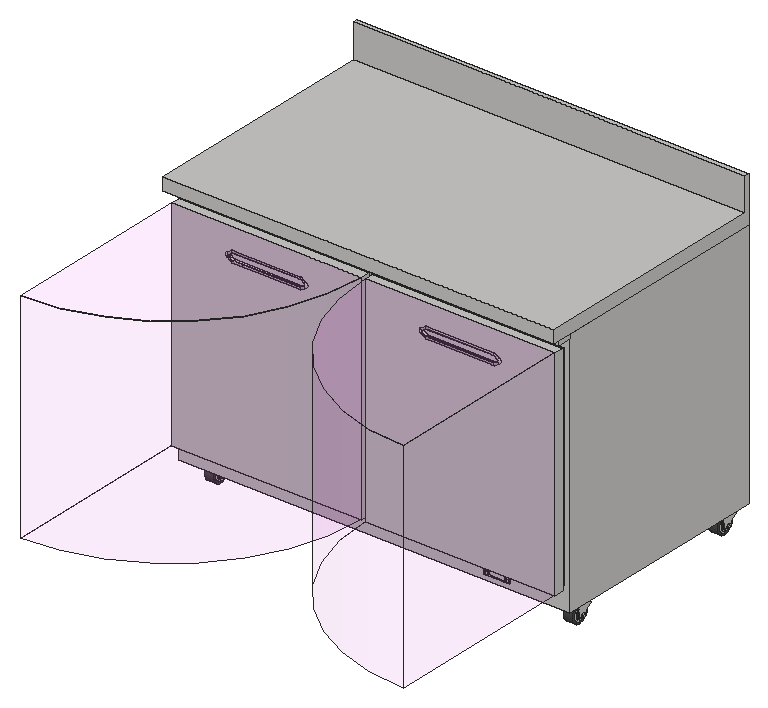
Revit family "QF_Kelvinator_738300_KCHUCWT48R", category Specialty Equipment, Revit 2021
Family settings
  Round Connector Dimension = Use Diameter
  Part Type = Normal
  Work Plane-Based = No
  Always vertical = Yes
  Cut with Voids When Loaded = No
  Shared = No
  Room Calculation Point = No
Parameters
  Weight in Pounds = 213.848
  Weight = 97.00 lbm
  Watts = 0 W
  Volts = 115 V
  URL Manufacturer = "KELVINATOR"
  URL Cutsheet = ""
  URL = "KELVINATOR"
  Specification by User = ""
  Specification by Manufacturer = ""
  Serial Number = ""
  Seismic Rating = ""
  SMACNA No = ""
  Revision Code = ""
  Refrigerant Type = "R600a"
  Phase = 1
  Number of Poles = 1
  NAFEM Spec ID Number = ""
  Model = "KCHUCWT48R"
  Min Ckt Ampacity = 0 A
  Max Overcurrent Protection = 0 A
  Masterspec = ""
  Manufacturer = "Kelvinator"
  Length Actual = 1225"
  Length = 48 1/4"
  Item Number = "738300"
  Installed By = ""
  Identify Quantity as Lot = yes
  Height Actual = 1007"
  Height = 39 5/8"
  HP = "0.4 HP"
  Gas KW = 0
  Furnished By = ""
  Foodservice Equipment Identifier = yes
  FL Amps = 3 A
  Electrical Remarks = ""
  Electric Connection Type = ""
  Elec Conn RI Height = 0"
  Elec Conn Connection Height = 0"
  Description = "2-DOOR REFRIGERATED WORK TOP 48\" LONG"
  Depth Actual = 760"
  Depth = 29 15/16"
  Default Elevation = 0"
  Cycle = 60 Hz
  Conn Plug = "5-15P"
  Conn Conduit = yes
  CSI MasterFormat = ""
  Apparent Power = 0 VA
  Accessory = no
Reference planes (in)
  plane 1 "BACK": y = 0
  plane 2: z = 0
  plane 3 "LEFT": x = 0
  plane 4 "RIGHT": x = 48.25
  plane 5 "FRONT": y = -29.9375
  plane 6 "TOP": z = 39.625
  plane 7 "Center Y": x = 24.125
  plane 8 "Center X": y = -14.96875
Dimensions and locks (in)
  equal spacing: plane 3 "LEFT", plane 7 "Center Y", plane 4 "RIGHT"
  "Length": plane 3 "LEFT" to plane 4 "RIGHT"
  equal spacing: plane 5 "FRONT", plane 8 "Center X", plane 1 "BACK"
  "Depth": plane 5 "FRONT" to plane 1 "BACK"
  "Height": plane 6 "TOP" to level
  aligned and locked: level to plane 2
Nested families (in)
  nested 1: "KCHST.0001" at (0, 0, 0), type "KCHST.0001"
    with Show Clearance yes
Connectors (in)
  electrical at (24.125, -0.87772, 2.31881), driven by "Volts", driven by "Watts"
    settings: on nested 1, index 1, voltage 115 V, apparent load 0 VA, apparent load phase1 0 VA, apparent load phase2 0 VA, apparent load phase3 0 VA, power factor 1, load classification "Other", number of poles 1, system type 30, power factor state 1, is connector primary yes, connector utility no, sub classification motor no, connector description ""
Definition of nested family "KCHST.0001"
  Parameters (values of type "KCHST.0001")
    Weight in Pounds = 0
    URL Cutsheet = ""
    Specification by User = ""
    Specification by Manufacturer = ""
    Show Clearance [instance] = yes
    Serial Number = ""
    Seismic Rating = ""
    SMACNA No = ""
    Revision Code = ""
    NAFEM Spec ID Number = ""
    Masterspec = ""
    Length = 48 1/4"
    Item Number = ""
    Installed By = ""
    Identify Quantity as Lot = yes
    Height = 39 5/8"
    Furnished By = ""
    Foodservice Equipment Identifier = yes
    Depth = 29 15/16"
    Default Elevation = 0"
    CSI MasterFormat = ""
  Reference planes (in)
    plane 1 "BACK": y = 0
    plane 2: z = 0
    plane 3 "LEFT": x = 0
    plane 4 "RIGHT": x = 48.25
    plane 5 "FRONT": y = -29.9375
    plane 6 "TOP": z = 39.625
    plane 7 "Center Y": x = 24.125
    plane 8 "Center X": y = -14.96875
    plane 9: z = 3.1
    plane 10: z = 33.9
    plane 11: y = -56
    plane 12: y = -29.2
    plane 13: z = 32.4
    plane 14: z = 5.6
    plane 15: y = -27.5
    plane 16: x = 46.25
    plane 17: x = 2
    plane 18: x = 47.75
    plane 19: x = 0.5
    plane 20: z = 35.5
    plane 21: y = -27.2
    plane 22: x = 23.875
    plane 23: x = 24.375
    plane 24: x = 12.19362
  Forms (in)
    Extrusion 1, solid
      sketch origin (0, 0, 0) x (0, 1, 0) y (0, 0, 1)
        loop
          line (-27.5, 33.9) -> (-27.5, 3.1) -> (0, 3.1) -> (0, 33.9) -> (-27.5, 33.9)
      from 0 to 48.25
    Extrusion 2, solid
      sketch origin (0, 0, 0) x (0, 1, 0) y (0, 0, 1)
        loop
          line (-0.48673, 39.625) -> (-0.48673, 35.5) -> (-29.9375, 35.5) -> (-29.9375, 33.9) -> (0, 33.9) -> (0, 39.625) -> (-0.48673, 39.625)
      from 0 to 48.25
    Extrusion 3, solid
      sketch origin (0, 0, 0) x (0, 1, 0) y (0, 0, 1)
        loop
          line (-29.2, 33.9) -> (-29.2, 33.4) -> (-27.5, 33.4) -> (-27.5, 33.9) -> (-29.2, 33.9)
      from 0 to 48.25
    Extrusion 4, solid
      sketch origin (24.125, 6.90541, 48) x (0, 1, 0) y (0, 0, 1)
        loop
          line (-36.10541, -15.6) -> (-36.10541, -42.4) -> (-34.95211, -42.4) -> (-34.95211, -15.6) -> (-36.10541, -15.6)
      from -0.25 to -23.625
    Extrusion 5, solid
      sketch origin (0, 0, 0) x (0, 1, 0) y (0, 0, 1)
        loop
          line (-28.04671, 32.20449) -> (-28.04671, 5.81322) -> (-27.79671, 5.81322) -> (-27.79671, 32.20449) -> (-28.04671, 32.20449)
      from 0.74536 to 23.64188
    Extrusion 6, solid
      sketch origin (0, 0.25, 0) x (0, 1, 0) y (0, 0, 1)
        loop
          line (-28.04671, 32.20449) -> (-28.04671, 5.81322) -> (-27.864, 5.81322) -> (-27.864, 32.20449) -> (-28.04671, 32.20449)
      from 0.74536 to 23.64188
    Extrusion 7, solid
      sketch origin (0, 0.4327, 0) x (0, 1, 0) y (0, 0, 1)
        loop
          line (-28.04671, 32.20449) -> (-28.04671, 5.81322) -> (-27.9327, 5.81322) -> (-27.9327, 32.20449) -> (-28.04671, 32.20449)
      from 0.74536 to 23.64188
    Extrusion 8, solid
      sketch origin (-4.97957, -27.5, -4.77927) x (-1, 0, 0) y (0, 0, 1)
        loop
          line (-42.67533, 9.70772) -> (-45.82493, 9.70772) -> (-45.82493, 8.52662) -> (-42.67533, 8.52662) -> (-42.67533, 9.70772)
        loop
          line (-42.75407, 9.63107) -> (-43.14777, 9.63107) -> (-43.14777, 9.31193) -> (-42.75407, 9.31193) -> (-42.75407, 9.63107)
        loop
          line (-42.75407, 9.27674) -> (-43.14777, 9.27674) -> (-43.14777, 8.9576) -> (-42.75407, 8.9576) -> (-42.75407, 9.27674)
        loop
          line (-42.75407, 8.92241) -> (-43.14777, 8.92241) -> (-43.14777, 8.60327) -> (-42.75407, 8.60327) -> (-42.75407, 8.92241)
        loop
          line (-45.74619, 9.63107) -> (-45.74619, 9.31193) -> (-45.35249, 9.31193) -> (-45.35249, 9.63107) -> (-45.74619, 9.63107)
        loop
          line (-45.74619, 9.27674) -> (-45.74619, 8.9576) -> (-45.35249, 8.9576) -> (-45.35249, 9.27674) -> (-45.74619, 9.27674)
        loop
          line (-45.74619, 8.92241) -> (-45.74619, 8.60327) -> (-45.35249, 8.60327) -> (-45.35249, 8.92241) -> (-45.74619, 8.92241)
        loop
          line (-43.22525, 9.63107) -> (-45.27501, 9.63107) -> (-45.27501, 8.60716) -> (-43.22525, 8.60716) -> (-43.22525, 9.63107)
      from 0.07874 to -0.04602
    Extrusion 9, solid
      sketch origin (-4.97957, -27.54602, -4.77927) x (1, 0, 0) y (0, 0, 1)
        loop
          line (45.35249, 9.63107) -> (45.35249, 9.31193) -> (45.74619, 9.31193) -> (45.74619, 9.63107) -> (45.35249, 9.63107)
        loop
          line (45.35249, 9.27674) -> (45.35249, 8.9576) -> (45.74619, 8.9576) -> (45.74619, 9.27674) -> (45.35249, 9.27674)
        loop
          line (45.35249, 8.92241) -> (45.35249, 8.60327) -> (45.74619, 8.60327) -> (45.74619, 8.92241) -> (45.35249, 8.92241)
        loop
          line (43.14777, 9.63107) -> (42.75407, 9.63107) -> (42.75407, 9.31193) -> (43.14777, 9.31193) -> (43.14777, 9.63107)
        loop
          line (43.14777, 9.27674) -> (42.75407, 9.27674) -> (42.75407, 8.9576) -> (43.14777, 8.9576) -> (43.14777, 9.27674)
        loop
          line (43.14777, 8.92241) -> (42.75407, 8.92241) -> (42.75407, 8.60327) -> (43.14777, 8.60327) -> (43.14777, 8.92241)
      from 0 to -0.07874
    Extrusion 10, solid
      sketch origin (-4.97957, -27.54602, -4.77927) x (1, 0, 0) y (0, 0, 1)
        loop
          line (43.22525, 9.63107) -> (43.22525, 8.60716) -> (45.27501, 8.60716) -> (45.27501, 9.63107) -> (43.22525, 9.63107)
      from 0 to -0.07874
    Extrusion 11, void
      sketch origin (-4.97957, -27.5, -4.77927) x (-1, 0, 0) y (0, 0, 1)
        loop
          line (-42.67533, 9.70772) -> (-45.82493, 9.70772) -> (-45.82493, 8.52662) -> (-42.67533, 8.52662) -> (-42.67533, 9.70772)
      from 0 to 0.07874
    Extrusion 12, void
      sketch origin (-37.39706, -29.19996, 31.5181) x (0, 0, 1) y (1, 0, 0)
        loop
          line (-1.94791, 45.41568) -> (-1.94791, 53.76568) -> (-2.28604, 54.30668)
          arc (-2.28604, 54.30668) -> (-2.38541, 54.36176) -> (-2.48479, 54.30668) r 0.11719
          line (-2.48479, 54.30668) -> (-2.82291, 53.76568) -> (-2.82291, 45.41568) -> (-2.48621, 44.87696)
          arc (-2.48621, 44.87696) -> (-2.38541, 44.82109) -> (-2.28462, 44.87696) r 0.11887
          line (-2.28462, 44.87696) -> (-1.94791, 45.41568)
      from 0 to 0.31887
    Sweep 13, solid
      path origin (-37.39706, -26.39996, 31.5181) x (0, 0, -1) y (1, 0, 0)
        loop
          line (2.82291, 53.76568) -> (2.48479, 54.30668)
          arc (2.48479, 54.30668) -> (2.38541, 54.36176) -> (2.28604, 54.30668) r 0.11719
          line (2.28604, 54.30668) -> (1.94791, 53.76568) -> (1.94791, 45.41568) -> (2.28462, 44.87696)
          arc (2.28462, 44.87696) -> (2.38541, 44.82109) -> (2.48621, 44.87696) r 0.11887
          line (2.48621, 44.87696) -> (2.82291, 45.41568) -> (2.82291, 53.76568)
      profile origin (12.19362, -26.39996, 28.69519) x (0, 0, -1) y (0, -1, 0)
        loop
          line (0, 2.8) -> (0.25, 2.8)
          arc (0.25, 2.8) -> (0.125, 2.85269) -> (0, 2.8) r 0.17461
    Extrusion 14, solid
      sketch origin (-9.65625, -3.56521, 3.1) x (-1, 0, 0) y (0, 1, 0)
        loop
          circle (-33.78125, 2.68749) r 0.25
      from 0 to 0.78119
    Extrusion 15, solid
      sketch origin (24.125, 6.90541, 48) x (0, 1, 0) y (0, 0, -1)
        loop
          line (-36.10541, 15.6) -> (-34.95211, 15.6) -> (-34.95211, 42.4) -> (-36.10541, 42.4) -> (-36.10541, 15.6)
      from -0.25 to -23.625
    Extrusion 16, solid
      sketch origin (48.25, 0, 0) x (0, 1, 0) y (0, 0, -1)
        loop
          line (-28.04671, -32.20449) -> (-27.79671, -32.20449) -> (-27.79671, -5.81322) -> (-28.04671, -5.81322) -> (-28.04671, -32.20449)
      from 0.74536 to 23.64188
    Extrusion 17, solid
      sketch origin (48.25, 0.25, 0) x (0, 1, 0) y (0, 0, -1)
        loop
          line (-28.04671, -32.20449) -> (-27.864, -32.20449) -> (-27.864, -5.81322) -> (-28.04671, -5.81322) -> (-28.04671, -32.20449)
      from 0.74536 to 23.64188
    Extrusion 18, solid
      sketch origin (48.25, 0.4327, 0) x (0, 1, 0) y (0, 0, -1)
        loop
          line (-28.04671, -32.20449) -> (-27.9327, -32.20449) -> (-27.9327, -5.81322) -> (-28.04671, -5.81322) -> (-28.04671, -32.20449)
      from 0.74536 to 23.64188
    Extrusion 19, void
      sketch origin (85.64706, -29.19996, 31.5181) x (0, 0, 1) y (1, 0, 0)
        loop
          line (-1.94791, -45.41568) -> (-2.28462, -44.87696)
          arc (-2.28462, -44.87696) -> (-2.38541, -44.82109) -> (-2.48621, -44.87696) r 0.11887
          line (-2.48621, -44.87696) -> (-2.82291, -45.41568) -> (-2.82291, -53.76568) -> (-2.48479, -54.30668)
          arc (-2.48479, -54.30668) -> (-2.38541, -54.36176) -> (-2.28604, -54.30668) r 0.11719
          line (-2.28604, -54.30668) -> (-1.94791, -53.76568) -> (-1.94791, -45.41568)
      from 0 to 0.31887
    Sweep 20, solid
      path origin (85.64706, -26.39996, 31.5181) x (0, 0, -1) y (1, 0, 0)
        loop
          line (2.82291, -53.76568) -> (2.82291, -45.41568) -> (2.48621, -44.87696)
          arc (2.48621, -44.87696) -> (2.38541, -44.82109) -> (2.28462, -44.87696) r 0.11887
          line (2.28462, -44.87696) -> (1.94791, -45.41568) -> (1.94791, -53.76568) -> (2.28604, -54.30668)
          arc (2.28604, -54.30668) -> (2.38541, -54.36176) -> (2.48479, -54.30668) r 0.11719
          line (2.48479, -54.30668) -> (2.82291, -53.76568)
      profile origin (36.05638, -26.39996, 28.69519) x (0, 0, 1) y (0, -1, 0)
        loop
          arc (0, 2.8) -> (-0.125, 2.85269) -> (-0.25, 2.8) r 0.17461
          line (-0.25, 2.8) -> (0, 2.8)
    Extrusion 21, solid, visible <- "Show Clearance"
      sketch origin (0, 9.61225, 5.6) x (1, 0, 0) y (0, -1, 0)
        loop
          arc (23.875, 38.81225) -> (17.02862, 55.34087) -> (0.5, 62.18725) r 23.375
          line (0.5, 62.18725) -> (0.5, 38.81225) -> (23.875, 38.81225)
        loop
          line (24.375, 38.81225) -> (47.75, 38.81225) -> (47.75, 62.18725)
          arc (47.75, 62.18725) -> (31.22138, 55.34087) -> (24.375, 38.81225) r 23.375
      from 0 to -26.8
  Cuts and joins
    Extrusion 11 cuts Extrusion 8
    Extrusion 12, Extrusion 19 cuts Extrusion 4
    Extrusion 19 cuts Extrusion 15
  Lines and regions (in)
    symbolic lines
      curve 1: line (48.25, -29.9375, 0) -> (48.25, 0, 0)
      curve 2: line (48.25, 0, 0) -> (0, 0, 0)
      curve 3: line (0, 0, 0) -> (0, -29.9375, 0)
      curve 4: line (0, -29.9375, 0) -> (48.25, -29.9375, 0)
      curve 5: line (0, -0.48673, 0) -> (48.25, -0.48673, 0)
    symbolic lines, visible <- "Show Clearance"
      curve 6: arc (23.86336, -29.9375, 0) -> (22.89064, -35.91193, 0) -> (20.41644, -41.43626, 0) r 23.375
      curve 7: arc (27.83356, -41.43626, 0) -> (25.35936, -35.91193, 0) -> (24.38664, -29.9375, 0) r 23.375
      curve 8: line (0.5, -29.9375, 0) -> (20.41644, -41.43626, 0)
      curve 9: line (47.75, -29.9375, 0) -> (27.83356, -41.43626, 0)
  Dimensions and locks (in)
    equal spacing: plane 3 "LEFT", plane 7 "Center Y", plane 4 "RIGHT"
    "Length": plane 3 "LEFT" to plane 4 "RIGHT"
    equal spacing: plane 5 "FRONT", plane 8 "Center X", plane 1 "BACK"
    "Depth": plane 5 "FRONT" to plane 1 "BACK"
    "Height": plane 6 "TOP" to level
    level to plane 9 = 3.1"
    plane 10 to plane 9 = 30.8"
    plane 11 to plane 1 "BACK" = 56"
    plane 14 to plane 13 = 26.8"
    locked: plane 4 "RIGHT" to plane 16 at 2
    locked: plane 3 "LEFT" to plane 17 at 2
    locked: plane 19 to plane 3 "LEFT" at 0.5
    locked: plane 18 to plane 4 "RIGHT" at 0.5
    plane 3 "LEFT" to plane 4 "RIGHT" = 48 1/4"
    plane 20 to level = 35 1/2"
    plane 6 "TOP" to plane 20 = 4 1/8"
    plane 5 "FRONT" to plane 1 "BACK" = 29 15/16"
    plane 21 to plane 1 "BACK" = 27.2"
    plane 9 to plane 20 = 32.4"
    aligned and locked: level to plane 2
    aligned and locked: plane 16 to nested 1
    aligned and locked: nested 2 to plane 17
    aligned and locked: Extrusion 1 to plane 4 "RIGHT"
    aligned and locked: plane 4 "RIGHT" to Extrusion 1
    aligned and locked: Extrusion 3 to plane 4 "RIGHT"
    aligned and locked: Extrusion 2 to plane 4 "RIGHT"
    aligned and locked: cut or joined group of Extrusion 4, Extrusion 12, Extrusion 19 to plane 19
    aligned and locked: plane 16 to nested 3
    aligned and locked: Extrusion 6 to Extrusion 5
    aligned and locked: Extrusion 7 to Extrusion 5
    aligned and locked: Extrusion 17 to Extrusion 16
    aligned and locked: Extrusion 18 to Extrusion 16
  Automatic sketch dimensions
    plane 9 to Extrusion 1 sketch curve = 0"
    Extrusion 1 sketch curve to plane 15 = 0"
    Extrusion 1 sketch curve to plane 1 "BACK" = 0"
    Extrusion 1 sketch curve to plane 10 = 0"
    Extrusion 2 sketch curve to plane 5 "FRONT" = 0"
    Extrusion 2 sketch curve to plane 20 = 0"
    Extrusion 2 sketch curve to plane 6 "TOP" = 0"
    Extrusion 2 sketch curve to plane 1 "BACK" = 0"
    Extrusion 2 sketch curve to plane 10 = 0"
    plane 1 "BACK" to Extrusion 2 sketch curve = 0.48673"
    Extrusion 3 sketch curve to plane 10 = 0"
    Extrusion 3 sketch curve to plane 12 = 0"
    Extrusion 3 sketch curve to plane 15 = 0"
    Extrusion 3 sketch curve to Extrusion 3 sketch curve = 1/2"
    Extrusion 4 sketch curve to plane 12 = 0"
    plane 14 to Extrusion 4 sketch curve = 0"
    plane 13 to Extrusion 4 sketch curve = 0"
    Extrusion 4 sketch curve to plane 15 = 0.54671"
    Extrusion 5 sketch curve to plane 14 = 0.21322"
    Extrusion 5 sketch curve to plane 15 = 0.54671"
    Extrusion 5 sketch curve to Extrusion 5 sketch curve = 1/4"
    plane 13 to Extrusion 5 sketch curve = 0.19551"
    Extrusion 6 sketch curve to plane 15 = 0.29671"
    Extrusion 6 sketch curve to plane 15 = 0.114"
    Extrusion 6 sketch curve to plane 14 = 0.21322"
    plane 13 to Extrusion 6 sketch curve = 0.19551"
    Extrusion 7 sketch curve to plane 15 = 0"
    Extrusion 7 sketch curve to Extrusion 7 sketch curve = 0.114"
    Extrusion 7 sketch curve to plane 14 = 0.21322"
    plane 13 to Extrusion 7 sketch curve = 0.19551"
    plane 14 to Extrusion 8 sketch curve = 0.67154"
    Extrusion 8 sketch curve to plane 16 = 5.40464"
    Extrusion 8 sketch curve to Extrusion 8 sketch curve = 0.07874"  (x3)
    Extrusion 8 sketch curve to Extrusion 8 sketch curve = 0"  (x7)
    Extrusion 8 sketch curve to Extrusion 8 sketch curve = 0.3937"  (x2)
    Extrusion 8 sketch curve to Extrusion 8 sketch curve = 0.07748"  (x3)
    Extrusion 8 sketch curve to plane 9 = 0.72789"
    Extrusion 8 sketch curve to Extrusion 8 sketch curve = 2.04976"
    Extrusion 8 sketch curve to Extrusion 8 sketch curve = 1/256"  (x2)
    Extrusion 8 sketch curve to Extrusion 8 sketch curve = 0.07665"  (x3)
    Extrusion 8 sketch curve to Extrusion 8 sketch curve = 0.31914"  (x4)
    Extrusion 8 sketch curve to Extrusion 8 sketch curve = 0.03519"  (x4)
    Extrusion 8 to Extrusion 9 sketch curve = 0"  (x10)
    Extrusion 9 sketch curve to Extrusion 8 = 0"  (x14)
    Extrusion 10 sketch curve to Extrusion 8 = 0"  (x3)
    Extrusion 8 to Extrusion 10 sketch curve = 0"
    plane 14 to Extrusion 11 sketch curve = 0.67154"
    Extrusion 11 sketch curve to plane 16 = 5.40464"
    Extrusion 11 sketch curve to plane 9 = 0.64735"
    Extrusion 11 sketch curve to Extrusion 11 sketch curve = 3.14961"
    plane 13 to Extrusion 12 sketch curve = 3.70481"
    Extrusion 12 sketch curve to Extrusion 12 sketch curve = 0.3367"
    Extrusion 12 sketch curve to Extrusion 12 sketch curve = 0.33813"  (x2)
    Extrusion 12 sketch curve to Extrusion 12 sketch curve = 0.09937"  (x2)
    Extrusion 12 sketch curve to Extrusion 12 sketch curve = 0.1008"  (x2)
    Extrusion 12 sketch curve to plane 24 = 4.71372"
    Extrusion 12 sketch curve to Extrusion 12 sketch curve = 0.063"
    Extrusion 12 sketch curve to Extrusion 12 sketch curve = 0.53872"  (x2)
    plane 24 to Extrusion 12 sketch curve = 4.175"
    Extrusion 12 sketch curve to Extrusion 12 sketch curve = 0"
    Extrusion 12 sketch curve to Extrusion 12 sketch curve = 0.47889"
    Extrusion 12 sketch curve to Extrusion 12 sketch curve = 0.06211"
    plane 13 to Sweep 13 sketch curve = 2.82981"
    Sweep 13 sketch curve to Sweep 13 sketch curve = 0.3367"
    Sweep 13 sketch curve to Sweep 13 sketch curve = 0.33813"  (x2)
    Sweep 13 sketch curve to Sweep 13 sketch curve = 0.09937"  (x2)
    Sweep 13 sketch curve to Sweep 13 sketch curve = 0.1008"  (x2)
    Sweep 13 sketch curve to plane 24 = 4.71372"
    Sweep 13 sketch curve to Sweep 13 sketch curve = 0.063"
    Sweep 13 sketch curve to Sweep 13 sketch curve = 0.53872"  (x2)
    plane 24 to Sweep 13 sketch curve = 4.175"
    Sweep 13 sketch curve to Sweep 13 sketch curve = 0"
    Sweep 13 sketch curve to Sweep 13 sketch curve = 0.47889"
    Sweep 13 sketch curve to Sweep 13 sketch curve = 0.06211"
    Sweep 13 sketch curve to profile plane = 0"
    Sweep 13 sketch curve to profile plane = 1/8"
    profile plane to Sweep 13 sketch curve = 2.67809"
    Sweep 13 sketch curve to Sweep 13 sketch curve = 0.12191"
    Extrusion 15 sketch curve to plane 12 = 0"
    plane 14 to Extrusion 15 sketch curve = 0"
    plane 13 to Extrusion 15 sketch curve = 0"
    Extrusion 15 sketch curve to plane 15 = 0.54671"
    Extrusion 16 sketch curve to plane 14 = 0.21322"
    Extrusion 16 sketch curve to plane 15 = 0.54671"
    Extrusion 16 sketch curve to Extrusion 16 sketch curve = 1/4"
    plane 13 to Extrusion 16 sketch curve = 0.19551"
    Extrusion 17 sketch curve to plane 15 = 0.29671"
    Extrusion 17 sketch curve to plane 15 = 0.114"
    plane 13 to Extrusion 17 sketch curve = 0.19551"
    Extrusion 17 sketch curve to plane 14 = 0.21322"
    Extrusion 18 sketch curve to plane 15 = 0"
    Extrusion 18 sketch curve to Extrusion 18 sketch curve = 0.114"
    plane 13 to Extrusion 18 sketch curve = 0.19551"
    Extrusion 18 sketch curve to plane 14 = 0.21322"
    plane 13 to Extrusion 19 sketch curve = 3.70481"
    Extrusion 19 sketch curve to Extrusion 19 sketch curve = 0.3367"
    Extrusion 19 sketch curve to Extrusion 19 sketch curve = 0.33813"  (x2)
    Extrusion 19 sketch curve to Extrusion 19 sketch curve = 0.09937"  (x2)
    Extrusion 19 sketch curve to Extrusion 19 sketch curve = 0.1008"  (x2)
    Extrusion 19 sketch curve to plane 23 = 6.96538"
    Extrusion 19 sketch curve to Extrusion 19 sketch curve = 0.06211"
    Extrusion 19 sketch curve to Extrusion 19 sketch curve = 0.541"  (x2)
    Extrusion 19 sketch curve to plane 16 = 6.01862"
    Extrusion 19 sketch curve to Extrusion 19 sketch curve = 0"
    Extrusion 19 sketch curve to Extrusion 19 sketch curve = 0.47572"
    Extrusion 19 sketch curve to Extrusion 19 sketch curve = 0.063"
    plane 13 to Sweep 20 sketch curve = 2.82981"
    Sweep 20 sketch curve to Sweep 20 sketch curve = 0.3367"
    Sweep 20 sketch curve to Sweep 20 sketch curve = 0.33813"  (x2)
    Sweep 20 sketch curve to Sweep 20 sketch curve = 0.09937"  (x2)
    Sweep 20 sketch curve to Sweep 20 sketch curve = 0.1008"  (x2)
    Sweep 20 sketch curve to plane 23 = 6.96538"
    Sweep 20 sketch curve to Sweep 20 sketch curve = 0.06211"
    Sweep 20 sketch curve to Sweep 20 sketch curve = 0.541"  (x2)
    Sweep 20 sketch curve to plane 16 = 6.01862"
    Sweep 20 sketch curve to Sweep 20 sketch curve = 0"
    Sweep 20 sketch curve to Sweep 20 sketch curve = 0.47572"
    Sweep 20 sketch curve to Sweep 20 sketch curve = 0.063"
    profile plane to Sweep 20 sketch curve = 0"
    profile plane to Sweep 20 sketch curve = 1/8"
    profile plane to Sweep 20 sketch curve = 2.67809"
    Sweep 20 sketch curve to Sweep 20 sketch curve = 0.12191"
    Extrusion 1 to Extrusion 14 sketch curve = 0.87772"
    Extrusion 14 sketch curve to Extrusion 1 = 24 1/8"
    Extrusion 21 sketch curve to plane 12 = 0"  (x2)
    Extrusion 21 sketch curve to plane 19 = 0"
    Extrusion 21 sketch curve to plane 22 = 0"
    Extrusion 21 sketch curve to plane 23 = 0"
    Extrusion 21 sketch curve to plane 18 = 0"
    curve 5 to plane 3 "LEFT" = 0"
    plane 5 "FRONT" to curve 8 = 0"
    curve 8 to plane 19 = 0"
    curve 6 to plane 12 = 0"
    curve 6 to plane 19 = 0"
    curve 7 to plane 12 = 0"
    curve 7 to plane 18 = 0"
    curve 9 to plane 18 = 0"
    plane 1 "BACK" to curve 2 = 0"
    curve 2 to plane 4 "RIGHT" = 0"
    curve 8 to plane 22 = 3.45856"
    plane 5 "FRONT" to curve 8 = 11.49876"
    curve 7 to plane 23 = 0.01164"
    curve 9 to plane 23 = 3.45856"
    plane 1 "BACK" to curve 5 = 0.48673"
    radius of Extrusion 14 sketch curve = 1/4"
  Nested families (in)
    nested 1: "3 INCHES 01_CASTER" at (46.25, -24.75, 0), type "3 INCHES 01_CASTER"
      with Type Mark "", Specification by User "", Revision Code "", Item Number "", Installed By "", Identify Quantity as Lot yes, Furnished By "", Foodservice Equipment Identifier yes, 3 Inches Caster yes
    nested 2: "3 INCHES 01_CASTER" at (2, -24.75, 0), type "3 INCHES 01_CASTER"
      with Type Mark "", Specification by User "", Revision Code "", Item Number "", Installed By "", Identify Quantity as Lot yes, Furnished By "", Foodservice Equipment Identifier yes, 3 Inches Caster yes
    nested 3: "3 INCHES 01_CASTER" at (46.25, -2.375, 0), type "3 INCHES 01_CASTER"
      with Type Mark "", Specification by User "", Revision Code "", Item Number "", Installed By "", Identify Quantity as Lot yes, Furnished By "", Foodservice Equipment Identifier yes, 3 Inches Caster yes
    nested 4: "3 INCHES 01_CASTER" at (2, -2.375, 0), type "3 INCHES 01_CASTER"
      with Type Mark "", Specification by User "", Revision Code "", Item Number "", Installed By "", Identify Quantity as Lot yes, Furnished By "", Foodservice Equipment Identifier yes, 3 Inches Caster yes
  Definition of nested family "3 INCHES 01_CASTER"
    Parameters (values of type "3 INCHES 01_CASTER")
      Weight = ""
      URL Manufacturer = ""
      URL Cutsheet = ""
      URL = ""
      Type Mark [instance] = ""
      Specification by User [instance] = ""
      Specification by Manufacturer = ""
      Serial Number = ""
      Seismic Rating = ""
      SMACNA No = ""
      Revision Code [instance] = ""
      Omniclass Number and Title = ""
      NAFEM Spec ID Number = ""
      Model = ""
      MasterSpec. = ""
      Manufacturer = ""
      Item Number [instance] = ""
      Installed By [instance] = ""
      Identify Quantity as Lot [instance] = yes
      Furnished By [instance] = ""
      Foodservice Equipment Identifier [instance] = yes
      Description = ""
      Default Elevation = 0"
      CSI MasterFormat = ""
      CSI Master Format = ""
      Assembly Code = ""
      3 Inches Caster [instance] = yes
    Reference planes (in)
      plane 1: z = 0
      plane 2 "RIGHT": x = 0
      plane 3 "FRONT": y = 0
      plane 4 "TOP": z = 3.1
    Forms (in)
      Revolve 1, solid, visible <- "3 Inches Caster"
        sketch origin (-1.93794, 0.56004, -1.0041) x (1, 0, 0) y (0, 0, 1)
          loop
            line (0.74055, 2.11347) -> (0.74055, 2.03797) -> (0.79055, 1.98797) -> (0.85055, 1.98797) -> (0.85055, 1.8679) -> (1.235, 1.8679) -> (1.235, 1.7068) -> (1.36441, 1.63209) -> (1.4003, 1.41035) -> (1.34375, 1.41035) -> (1.34375, 1.28535) -> (1.375, 1.28535) -> (1.375, 1.0041) -> (2.48438, 1.0041) -> (2.48438, 1.28535) -> (2.51563, 1.28535) -> (2.51563, 1.41035) -> (2.45908, 1.41035) -> (2.49553, 1.6356) -> (2.62438, 1.70999) -> (2.62438, 1.8679) -> (3.04007, 1.8679) -> (3.04007, 1.98797) -> (3.10007, 1.98797) -> (3.15007, 2.03797) -> (3.15007, 2.11347) -> (0.74055, 2.11347)
          axis (0.74055, 2.11347) -> (3.15007, 2.11347)
        angle from 0 to 360
      Extrusion 2, solid, visible <- "3 Inches Caster"
        sketch origin (-1.93794, 1.35294, -3.2541) x (0, 1, 0) y (0, 0, 1)
          loop
            line (-0.41094, 5.86793) -> (-0.41094, 6.01276) -> (-2.29494, 6.01276) -> (-2.29494, 5.71244) -> (-1.82301, 5.71244)
            arc (-1.82301, 5.71244) -> (-1.00307, 5.59865) -> (-0.19592, 5.41488) r 9.6332
            arc (-0.19592, 5.41488) -> (0.12646, 5.29481) -> (0.42224, 5.11916) r 1.92059
            line (0.42224, 5.11916) -> (0.51314, 5.245)
            arc (0.51314, 5.245) -> (0.27353, 5.42569) -> (0.01201, 5.5729) r 2.25036
            line (0.01201, 5.5729) -> (0.09371, 5.71426)
            arc (0.09371, 5.71426) -> (-0.15272, 5.81043) -> (-0.41094, 5.86793) r 1.73151
        from 1.17357 to 2.70231
      Revolve 3, solid, visible <- "3 Inches Caster"
        sketch origin (0, 1.73858, -3.25) x (0, 1, 0) y (0, 0, 1)
          loop
            line (-1.73858, 6.35) -> (-1.73858, 6.00866) -> (-0.93293, 6.00866) -> (-0.93293, 6.35) -> (-1.73858, 6.35)
          axis (-1.73858, 6.00866) -> (-1.73858, 6.35)
        angle from 0 to 360
      Extrusion 4, solid, visible <- "3 Inches Caster"
        sketch origin (-1.98481, 1.35294, -1.7541) x (0, 1, 0) y (0, 0, 1)
          loop
            line (-2.29494, 4.51276) -> (-2.29494, 4.21244) -> (-2.2074, 4.21244)
            arc (-2.2074, 4.21244) -> (-1.58796, 3.87196) -> (-1.3103, 3.22193) r 1.0835
            arc (-1.3103, 3.22193) -> (-1.27304, 2.98711) -> (-1.19616, 2.76214) r 1.38462
            arc (-1.19616, 2.76214) -> (-0.77704, 2.49744) -> (-0.37393, 2.78593) r 0.44401
            arc (-0.37393, 2.78593) -> (-0.35491, 2.84407) -> (-0.34077, 2.90358) r 0.74034
            arc (-0.34077, 2.90358) -> (-0.07302, 3.38916) -> (0.4279, 3.62699) r 0.90376
            line (0.4279, 3.62699) -> (0.51314, 3.745)
            arc (0.51314, 3.745) -> (0.27353, 3.92569) -> (0.01201, 4.0729) r 2.25036
            line (0.01201, 4.0729) -> (0.09371, 4.21426)
            arc (0.09371, 4.21426) -> (-0.15272, 4.31043) -> (-0.41094, 4.36793) r 1.73151
            line (-0.41094, 4.36793) -> (-0.41094, 4.51276) -> (-2.29494, 4.51276)
        from 2.74918 to 2.90825
      Extrusion 5, solid, visible <- "3 Inches Caster"
        sketch origin (1.98481, 1.35294, -1.7541) x (0, 1, 0) y (0, 0, -1)
          loop
            line (-2.29494, -4.51276) -> (-0.41094, -4.51276) -> (-0.41094, -4.36793)
            arc (-0.41094, -4.36793) -> (-0.15272, -4.31043) -> (0.09371, -4.21426) r 1.73151
            line (0.09371, -4.21426) -> (0.01201, -4.0729)
            arc (0.01201, -4.0729) -> (0.27353, -3.92569) -> (0.51314, -3.745) r 2.25036
            line (0.51314, -3.745) -> (0.4279, -3.62699)
            arc (0.4279, -3.62699) -> (-0.07302, -3.38916) -> (-0.34077, -2.90358) r 0.90376
            arc (-0.34077, -2.90358) -> (-0.35491, -2.84407) -> (-0.37393, -2.78593) r 0.74034
            arc (-0.37393, -2.78593) -> (-0.77704, -2.49744) -> (-1.19616, -2.76214) r 0.44401
            arc (-1.19616, -2.76214) -> (-1.27304, -2.98711) -> (-1.3103, -3.22193) r 1.38462
            arc (-1.3103, -3.22193) -> (-1.58796, -3.87196) -> (-2.2074, -4.21244) r 1.0835
            line (-2.2074, -4.21244) -> (-2.29494, -4.21244) -> (-2.29494, -4.51276)
        from 2.74918 to 2.90825
    Cuts and joins
      joined: Extrusion 2, Extrusion 4, Extrusion 5
    Lines and regions (in)
      symbolic lines, visible <- "3 Inches Caster"
        curve 1: line (0.1877, 1.65194, 0) -> (0.89063, 1.2461, 0)
        curve 2: line (-1.00175, -0.40823, 0) -> (0.1877, 1.65194, 0)
        curve 3: line (-0.29881, -0.81407, 0) -> (-1.00175, -0.40823, 0)
        curve 4: line (0.89063, 1.2461, 0) -> (-0.29881, -0.81407, 0)
    Dimensions and locks (in)
      plane 4 "TOP" to level = 3.1"  (x2)
      aligned and locked: level to plane 1
